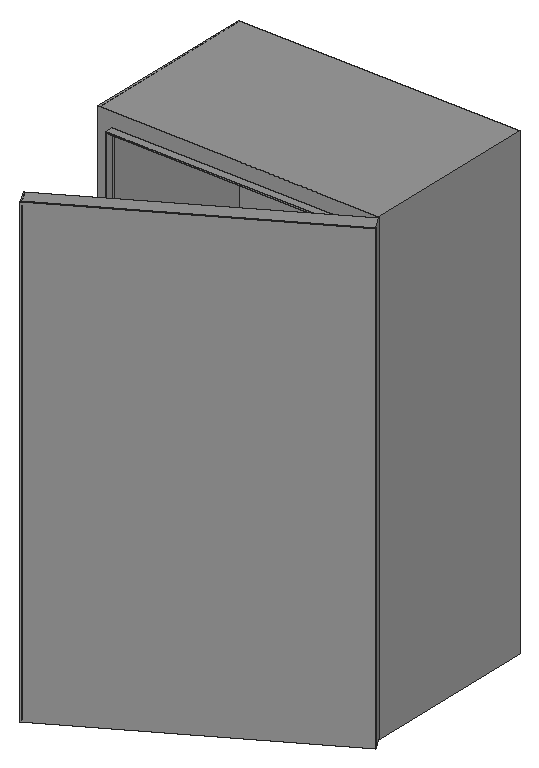
Revit family "Hager-Univers-IP44-D205-Cl.I-enclosure_metering-NoHosted-CH-en", category Equipement électrique, Revit 2020
Family settings
  Configuration du panneau = Deux colonnes, circuits au sein
  Cote de connecteur circulaire = Utiliser le diamètre
  Type d'élément = Tableau de raccordement
  Basée sur le plan de construction = Oui
  Toujours verticalement = Oui
  Couper avec des vides une fois chargée = Non
  Partagée = Non
  Point de calcul de pièce = Non
Parameters (values of type "Surface mounted (plaster) IP44 W300 H500 D205  - ZB011T")
  Width Control [instance] = if([EF000008 - Width] > Min Width, [EF000008 - Width], Min Width)  # 300 mm
  Commentaires du type = [HG000003 - Range]  # "Univers"
  Thickness Door [instance] = if([EF009171 - Material plate thickness door/cover] > 3 mm, 3 mm, [EF009171 - Material plate thickness door/cover])  # 1 mm
  Seal Frame Offset [instance] = 17 mm  # constant formula
  Plinth Visibility [instance] = [HG000027 - Plinth height] > 0 mm  # no
  Min Width [instance] = 100 mm  # constant formula
  Min Depth [instance] = (2 * [EF009170 - Material plate thickness cabinet]) + 1 mm  # 3 mm
  Min Height [instance] = 100 mm  # constant formula
  Internal Frame Depth [instance] = (Door System Depth * 0.5)  # 9 mm
  Panel Name [instance] = ""  # (empty or 0)
  Model = ""
  HG000027 - Plinth height = 0 mm
  HG000026 - Floor standing = no
  HG000024 - Bottom section height = 600 mm
  HG000023 - Double section enclosure = no
  HG000016 - Door 3d visibility [instance] = yes
  HG000015 - Clearance visibility [instance] = no
  HG000014 - Door on the right [instance] = yes
  HG000013 - Door on the left [instance] = not([HG000014 - Door on the right])  # no
  HG000012 - Door swing angle [instance] = 30.00°
  HG000010 - Asymmetric doors = no
  HG000009 - Double swing door = no
  HG000006 - Flush mounted = no
  HG000004 - Manufacturer reference = "ZB011T"
  HG000003 - Range = "Univers"
  HG000002 - With door or cover = yes
  Frame Offset Bottom [instance] = 10 mm  # constant formula
  Frame Offset [instance] = 15 mm  # constant formula
  EF015940 - Cover with overpressure release = no
  EF011959 - Degree of protection (NEMA) = ""
  EF009554 - Number of openings for flange plates = 0
  EF009212 - Cover model = "EV000116 - Closed"
  EF009171 - Material plate thickness door/cover = 1 mm
  EF009170 - Material plate thickness cabinet = 1 mm
  EF008873 - Nominal current (In) = 250 A
  EF007800 - Suitable for lightning protection = no
  EF006306 - With lock = no
  EF006244 - Transparent cover/door = no
  EF005474 - Degree of protection (IP) = "EV006418 - IP44"
  EF004464 - Type of door = "EV002646 - Single"
  EF004427 - Number of modules = 48
  EF004293 - Impact strength = "EV006815 - IK09"
  EF003532 - Suitable for outdoor use = no
  EF002950 - Width in number of modular spacings = 0
  EF001613 - Circuit integrity = "EV000494 - None"
  EF001596 - Material housing = "EV000179 - Steel"
  EF001131 - Internal depth = 0 mm
  EF001088 - Extension possible = yes
  EF000437 - Number of conduit inlets = 0
  EF000339 - Type of cover = "EV004216 - Door"
  EF000266 - Number of rows = 4
  EF000218 - Built-in depth = 0 mm
  EF000118 - With mounting plate = no
  EF000116 - RAL-number = "9010"
  EF000049 - Depth = 205 mm
  EF000040 - Height = 500 mm
  EF000008 - Width = 300 mm
  EF000007 - Colour = "EV000202 - White"
  EF000003 - Mounting method = "EV000384 - Surface mounted (plaster)"
  Door System Leaf Tolerance [instance] = 1.5 mm  # constant formula
  Door System Depth [instance] = 18 mm  # constant formula
  Door Height [instance] = Height Control - [HG000027 - Plinth height]  # 500 mm
  Description = ""
  Default Elevation = 1219.2 mm
  Connector Offset [instance] = Height Control / 2  # 250 mm
  Fabricant = "Hager"  # constant formula
  Height Control [instance] = if([EF000040 - Height] > Min Height, [EF000040 - Height], Min Height)  # 500 mm
  Depth Control [instance] = if([EF000049 - Depth] > Min Depth, [EF000049 - Depth], Min Depth)  # 205 mm
  Bottom Top Plate Trim [instance] = 1.5 mm  # constant formula
  Plinth height Ctrl [instance] = if([HG000027 - Plinth height] > 0 mm, [HG000027 - Plinth height], 12 mm)  # 12 mm
Types (3, lengths in mm): name | Width Control | HG000004 - Manufacturer reference | EF004464 - Type of door | EF004427 - Number of modules | EF000266 - Number of rows | EF000008 - Width
  Surface mounted (plaster) IP44 W1050 H500 D205  - ZB014T | 1050 | "ZB014T" | "EV003602 - Double" | 144 | 0 | 1050
  Surface mounted (plaster) IP44 W1300 H500 D205  - ZB015T | 1300 | "ZB015T" | "EV003602 - Double" | 180 | 0 | 1300
  Surface mounted (plaster) IP44 W300 H500 D205  - ZB011T | 300 | "ZB011T" | "EV002646 - Single" | 48 | 4 | 300
Reference planes
  plane 1 "Center (Front/Back)": y = 0
  plane 2: z = 0
  plane 3 "Center (Left/Right)": x = 0
  plane 4: y = 0
  plane 5: y = 0
  plane 6: z = 0
  plane 7: x = -150
  plane 8: x = 150
  plane 9: x = 149
  plane 10: x = -149
  plane 11: z = 0
  plane 12: z = 1
  plane 13: y = -205
  plane 14: y = -1
  plane 15: x = 0
  plane 16: y = -187
  plane 17: y = -204
  plane 18: y = -186
  plane 19: x = -134
  plane 20: x = 134
  plane 21: z = 11
  plane 22: x = -133
  plane 23: x = 133
  plane 24: z = 0
  plane 25: z = 500
  plane 26: z = 500
  plane 27: z = 484
  plane 28: z = 499
Forms (mm)
  Extrusion 1, solid, material "Hager_Steel_RAL7035_Light_Grey", detail levels medium+fine
    sketch origin (-208.679, -4572, 0) x (-1, 0, 0) y (0, -1, 0)
      loop
        line (-58.679, -4385) -> (-358.679, -4385) -> (-358.679, -4572) -> (-58.679, -4572) -> (-58.679, -4385)
    from 0 to 500
  Extrusion 2, void
    sketch origin (-350.771, -205, 1219.2) x (1, 0, 0) y (0, 0, 1)
      loop
        line (201.771, -720.2) -> (201.771, -1218.2) -> (499.771, -1218.2) -> (499.771, -720.2) -> (201.771, -720.2)
    from -19 to -204
  Extrusion 3, void
    sketch origin (-290.084, -187, 1219.2) x (1, 0, 0) y (0, 0, 1)
      loop
        line (156.084, -1208.2) -> (424.084, -1208.2) -> (424.084, -735.2) -> (156.084, -735.2) -> (156.084, -1208.2)
    from 0 to -1
  Extrusion 4, solid, material "Hager_Steel_RAL7035_Light_Grey", visible <- "Plinth Visibility", detail levels medium+fine
    sketch origin (0, 0, 0) x (1, 0, 0) y (0, 1, 0)
      loop
        line (-150, 0) -> (-150, -187) -> (150, -187) -> (150, 0) -> (-150, 0)
    from 0 to 12 <- "Plinth height Ctrl"
  Extrusion 5, solid, material "Hager_Steel_RAL7035_Light_Grey", detail levels coarse
    sketch origin (0, 0, 0) x (1, 0, 0) y (0, 1, 0)
      loop
        line (-150, 0) -> (-150, -205) -> (150, -205) -> (150, 0) -> (-150, 0)
    from 0 to 500 <- "Height Control"
  Sweep 6, void
    path in 3D
      loop
        line (-150, -187, 12) -> (150, -187, 12) -> (150, 0, 12) -> (-150, 0, 12) -> (-150, -187, 12)
    profile origin (-150, -93.5, 12) x (1, 0, 0) y (0, 0, 1)
      loop
        line (0, 0) -> (0, -1.5) -> (1.5, -1.5)
        arc (1.5, -1.5) -> (1.061, -0.439) -> (0, 0) r 1.5
  Extrusion 7, solid, material "Hager_Steel_RAL7035_Light_Grey", detail levels fine
    sketch origin (-150, -187, 0) x (1, 0, 0) y (0, 0, 1)
      loop
        line (16, 11) -> (284, 11) -> (284, 484) -> (16, 484) -> (16, 11)
      loop
        line (15, 10) -> (285, 10) -> (285, 485) -> (15, 485) -> (15, 10)
    from 0 to 9 <- "Internal Frame Depth"
Cuts and joins
  Extrusion 2, Extrusion 3 cuts Extrusion 1
  Sweep 6 cuts Extrusion 4
Lines and regions (mm)
  Masking region 1
    outline origin (0, 0, 0) x (1, 0, 0) y (0, 1, 0)
      loop
        line (-150, 0) -> (-150, -205) -> (150, -205) -> (150, 0) -> (-150, 0)
  Masking region 2, detail levels coarse
    outline origin (-290.084, -187, 1219.2) x (-1, 0, 0) y (0, 0, 1)
      loop
        line (-440.084, -1219.2) -> (-140.084, -1219.2) -> (-140.084, -719.2) -> (-440.084, -719.2) -> (-440.084, -1219.2)
  Masking region 3, detail levels coarse
    outline origin (0, 0, 0) x (0, 1, 0) y (0, 0, 1)
      loop
        line (0, 0) -> (0, 500) -> (-205, 500) -> (-205, 0) -> (0, 0)
  Masking region 4, visible <- "Plinth Visibility", detail levels medium+fine
    outline origin (0, 0, 0) x (0, 1, 0) y (0, 0, 1)
      loop
        line (-1.5, 12) -> (-185.5, 12)
        arc (-185.5, 12) -> (-185.939, 10.939) -> (-187, 10.5) r 1.5
        line (-187, 10.5) -> (-187, 0) -> (0, 0) -> (0, 10.5)
        arc (0, 10.5) -> (-1.061, 10.939) -> (-1.5, 12) r 1.5
  Masking region 5, detail levels medium+fine
    outline origin (0, 0, 594.038) x (0, 1, 0) y (0, 0, 1)
      loop
        line (0, -594.038) -> (0, -94.038) -> (-187, -94.038) -> (-187, -594.038) -> (0, -594.038)
  Masking region 6, detail levels medium+fine
    outline origin (-359.7, -187, 1211.883) x (-1, 0, 0) y (0, 0, 1)
      loop
        line (-509.7, -1211.883) -> (-209.7, -1211.883) -> (-209.7, -711.883) -> (-509.7, -711.883) -> (-509.7, -1211.883)
  Masking region 7, visible <- "Plinth Visibility", detail levels medium+fine
    outline origin (-320.334, -187, 1041.368) x (-1, 0, 0) y (0, 0, 1)
      loop
        line (-470.334, -1041.368) -> (-170.334, -1041.368) -> (-170.334, -1030.868)
        arc (-170.334, -1030.868) -> (-171.394, -1030.429) -> (-171.834, -1029.368) r 1.5
        line (-171.834, -1029.368) -> (-468.834, -1029.368)
        arc (-468.834, -1029.368) -> (-469.273, -1030.429) -> (-470.334, -1030.868) r 1.5
        line (-470.334, -1030.868) -> (-470.334, -1041.368)
  sketch lines
    curve 1: line (-150, 0, 12) -> (-150, -187, 12)
    curve 2: line (-150, -187, 12) -> (150, -187, 12)
    curve 3: line (150, 0, 12) -> (-150, 0, 12)
    curve 4: line (150, -187, 12) -> (150, 0, 12)
Dimensions and locks
  locked: plane 1 "Center (Front/Back)" to plane 5
  "EF009170 - Material plate thickness cabinet": plane 7 to plane 10
  "EF009170 - Material plate thickness cabinet": plane 8 to plane 9
  equal spacing: plane 7, plane 3 "Center (Left/Right)", plane 8
  "Width Control": plane 7 to plane 8
  "Depth Control": plane 4 to plane 13
  "EF009170 - Material plate thickness cabinet": plane 4 to plane 14
  "Height Control": plane 25 to level
  "HG000027 - Plinth height": plane 11 to level
  "EF009170 - Material plate thickness cabinet": plane 12 to plane 11
  "EF009170 - Material plate thickness cabinet": plane 17 to plane 13
  "EF009170 - Material plate thickness cabinet": plane 18 to plane 16
  "Frame Offset Bottom": plane 21 to plane 12
  "Frame Offset": plane 10 to plane 19
  "Frame Offset": plane 9 to plane 20
  "Door System Depth": plane 16 to plane 13
  "Seal Frame Offset": plane 7 to plane 22
  "Seal Frame Offset": plane 8 to plane 23
  "EF009170 - Material plate thickness cabinet": plane 26 to plane 28
  "Frame Offset": plane 28 to plane 27
  "Connector Offset": plane 2 to connector elem
  "Bottom Top Plate Trim": profile plane to Sweep 6 sketch curve
  "Bottom Top Plate Trim": Sweep 6 sketch curve to Sweep 6 sketch curve
  "Plinth height Ctrl": Masking region 4 sketch curve to level
  "Plinth height Ctrl": Masking region 7 sketch curve to level
  "Thickness Door": Extrusion 7 sketch curve to Extrusion 7 sketch curve  (x4)
  "Bottom Top Plate Trim": radius of Sweep 6 sketch curve
  "Bottom Top Plate Trim": radius of Masking region 4 sketch curve  (x2)
  "Bottom Top Plate Trim": radius of Masking region 7 sketch curve  (x2)
  aligned and locked: plane 12 to Extrusion 2 sketch curve
  aligned and locked: Extrusion 2 sketch curve to plane 9
  aligned and locked: Extrusion 2 sketch curve to plane 10
  aligned and locked: plane 14 to Extrusion 2
  aligned and locked: plane 4 to Extrusion 1 sketch curve
  aligned and locked: plane 8 to Extrusion 1 sketch curve
  aligned and locked: plane 7 to Extrusion 1 sketch curve
  aligned and locked: Extrusion 2 to plane 18
  aligned and locked: plane 19 to Extrusion 3 sketch curve
  aligned and locked: plane 20 to Extrusion 3 sketch curve
  aligned and locked: Extrusion 3 to Extrusion 2
  aligned and locked: Extrusion 3 sketch curve to plane 21
  aligned and locked: plane 3 "Center (Left/Right)" to nested 1
  aligned and locked: Extrusion 1 sketch curve to plane 16
  aligned and locked: Extrusion 4 sketch curve to cut or joined group of Extrusion 1, Extrusion 2, Extrusion 3
  aligned and locked: Masking region 1 sketch curve to plane 7
  aligned and locked: Masking region 1 sketch curve to plane 5
  aligned and locked: Masking region 1 sketch curve to plane 8
  aligned and locked: Masking region 2 sketch curve to level
  aligned and locked: level to Masking region 3 sketch curve
  aligned and locked: plane 1 "Center (Front/Back)" to Masking region 3 sketch curve
  aligned and locked: plane 13 to Masking region 3 sketch curve
  aligned and locked: plane 5 to Masking region 4 sketch curve
  aligned and locked: Masking region 2 sketch curve to plane 8
  aligned and locked: Masking region 2 sketch curve to plane 7
  aligned and locked: plane 7 to nested 2
  aligned and locked: nested 2 to plane 5
  aligned and locked: plane 5 to Masking region 5 sketch curve
  aligned and locked: plane 26 to Masking region 5 sketch curve
  aligned and locked: Extrusion 5 sketch curve to plane 8
  aligned and locked: Extrusion 5 sketch curve to plane 7
  aligned and locked: Extrusion 5 sketch curve to plane 5
  aligned and locked: plane 27 to Extrusion 3 sketch curve
  aligned and locked: Extrusion 2 sketch curve to plane 28
  aligned and locked: Masking region 2 to plane 25
  aligned and locked: Extrusion 4 to plane 16
  aligned and locked: profile plane to Sweep 6 sketch curve
  aligned and locked: Masking region 5 sketch curve to plane 24
  aligned and locked: level to Masking region 4 sketch curve
  aligned and locked: Masking region 1 to plane 13
  aligned and locked: nested 1 to plane 16
  aligned and locked: Masking region 3 to plane 25
  aligned and locked: plane 16 to Masking region 4 sketch curve
  aligned and locked: Masking region 5 sketch curve to plane 16
  aligned and locked: plane 24 to plane 11
  aligned and locked: plane 26 to plane 25
  aligned and locked: plane 26 to cut or joined group of Extrusion 1, Extrusion 2, Extrusion 3
  aligned and locked: nested 1 to plane 24
  aligned and locked: Extrusion 1 to Extrusion 3
  aligned and locked: Masking region 6 sketch curve to plane 8
  aligned and locked: plane 24 to Masking region 6 sketch curve
  aligned and locked: Masking region 6 sketch curve to plane 7
  aligned and locked: Masking region 6 sketch curve to plane 26
  aligned and locked: Masking region 7 sketch curve to plane 7
  aligned and locked: level to Masking region 7 sketch curve
  aligned and locked: Masking region 7 sketch curve to plane 8
  aligned and locked: Extrusion 7 sketch curve to cut or joined group of Extrusion 1, Extrusion 2, Extrusion 3  (x4)
Automatic sketch dimensions
  plane 19 to Extrusion 3 sketch curve = 0 mm
  Extrusion 3 sketch curve to plane 20 = 0 mm
  Extrusion 3 sketch curve to plane 21 = 0 mm
  Extrusion 4 sketch curve to plane 7 = 0 mm
  Extrusion 4 sketch curve to plane 8 = 0 mm
  Extrusion 4 sketch curve to plane 16 = 0 mm
  Masking region 1 sketch curve to plane 13 = 0 mm
  Masking region 2 sketch curve to plane 25 = 0 mm
  Masking region 3 sketch curve to plane 25 = 0 mm
  Extrusion 5 sketch curve to plane 13 = 0 mm
  profile plane to Sweep 6 sketch curve = 0 mm
Nested families
  nested 1: "EC000058_Univers_Door" at (0, -187, 0), Double <- "HG000009 - Double swing door", Transparent <- "EF006244 - Transparent cover/door", Angle <- "HG000012 - Door swing angle", Door_Right <- "HG000014 - Door on the right", Assymetrical <- "HG000010 - Asymmetric doors", Door <- "HG000002 - With door or cover", Width_Ctrl <- "Width Control", 3d_Door <- "HG000016 - Door 3d visibility", Clearance <- "HG000015 - Clearance visibility", Door_Left <- "HG000013 - Door on the left", Width <- "Width Control", Door_Depth <- "Door System Depth", Leaf_Tolerance <- "Door System Leaf Tolerance", Height <- "Door Height", Lock_Visibility <- "EF006306 - With lock", Thickness <- "Thickness Door", type "EC000058_Univers_Door", detail levels medium+fine
    with min_wh 3 mm, Width_Ctrl 300 mm, Width 300 mm, Transparent no, Thickness 1 mm, Seal_Material Hager_Rubber, Lock_Visibility no, Lock_Material Hager_Plastic_RAL9005_Jet_Black, Leaf_Width 300 mm, Leaf_Tolerance_External_Sides 0 mm, Leaf_Tolerance 1.5 mm, Leaf_Offset 0 mm, Leaf_Height 497 mm, Leaf_2_Width 300 mm, Leaf_2_Offset 150 mm, Leaf_1_Width 300 mm, Leaf_1_Offset 150 mm, Height_Ctrl 500 mm, Height 500 mm, Glass_Material Hager_Glass, Double_Clearance_Ctrl no, Double no, Door_Right_Ctrl yes, Door_Right yes, Door_Material Hager_Steel_RAL7035_Light_Grey, Door_Left_Ctrl no, Door_Left no, Door_Depth 18 mm, Door yes, Clearance_Material Hager_Clearance, Clearance_Depth 300 mm, Clearance_Ctrl no, Clearance no, Assymetrical no, Angle 30.00°, 3d_Door yes
  nested 2: "Hager_Enclosure_Symbol" at (-150, 0, 0), Height <- "Depth Control", Width <- "Width Control", type "Hager_Enclosure_Symbol"
    with Width_Ctrl 300 mm, Width 300 mm, Height_Ctrl 205 mm, Height 205 mm, A_Width_Int 13.453 mm, A_Width 161.438 mm, A_Height_Ctrl 179.375 mm, A_Height 179.375 mm
Connectors
  electrical at (0, 0, 250)
    settings: on plane 1 "Center (Front/Back)", index 1, voltage 0 V, apparent load 0 VA, apparent load phase1 0 VA, apparent load phase2 0 VA, apparent load phase3 0 VA, power factor 1, load classification "Other", number of poles 1, system type 30, power factor state 1, is connector primary yes, connector utility no, sub classification motor no, connector description ""
Definition of nested family "EC000058_Univers_Door"
  Parameters (values of type "EC000058_Univers_Door")
    min_wh [instance] = (2 * Thickness) + 1 mm  # 11 mm
    Width_Ctrl [instance] = 400 mm
    Width [instance] = 500 mm
    Transparent [instance] = yes
    Thickness [instance] = 5 mm
    Seal_Material [instance] = none
    Lock_Visibility [instance] = yes
    Lock_Material [instance] = none
    Leaf_Width [instance] = if((Width_Ctrl - 2 * Leaf_Tolerance_External_Sides) > 0 mm, (Width_Ctrl - 2 * Leaf_Tolerance_External_Sides), min_wh)  # 400 mm
    Leaf_Tolerance_External_Sides [instance] = 0 mm  # constant formula
    Leaf_Tolerance [instance] = 1.5 mm
    Leaf_Offset [instance] = 0 mm  # constant formula
    Leaf_Height [instance] = if((Height_Ctrl - 2 * Leaf_Tolerance) > 0 mm, (Height_Ctrl - 2 * Leaf_Tolerance), min_wh)  # 497 mm
    Leaf_2_Width [instance] = if(and(and(Double, Assymetrical), Door_Left), (Leaf_Width / 3) - (Leaf_Tolerance / 2), if(and(and(Double, Assymetrical), Door_Right), (Leaf_Width / 3) * 2 - (Leaf_Tolerance / 2), if(and(Double, not(Assymetrical)), (Leaf_Width / 2) - Leaf_Tolerance, Leaf_Width)))  # 400 mm
    Leaf_2_Offset [instance] = if(and(Double, Assymetrical), Leaf_2_Width / 2, if(and(Double, not(Assymetrical)), Leaf_Width / 4, Leaf_Width / 2))  # 200 mm
    Leaf_1_Width [instance] = if(and(and(Double, Assymetrical), Door_Right), (Leaf_Width / 3) - (Leaf_Tolerance / 2), if(and(and(Double, Assymetrical), Door_Left), (Width / 3) * 2 - (Leaf_Tolerance / 2), if(and(Double, not(Assymetrical)), (Leaf_Width / 2) - Leaf_Tolerance, Leaf_Width)))  # 400 mm
    Leaf_1_Offset [instance] = if(and(Double, Assymetrical), Leaf_1_Width / 2, if(and(Double, not(Assymetrical)), Leaf_Width / 4, Leaf_Width / 2))  # 200 mm
    Height_Ctrl [instance] = if(Height > min_wh, Height, min_wh)  # 500 mm
    Height [instance] = 500 mm
    Glass_Material [instance] = none
    Double_Clearance_Ctrl [instance] = and(Double, Clearance)  # no
    Double [instance] = no
    Door_Right_Ctrl [instance] = and(or(Door_Right, Double), Door)  # yes
    Door_Right [instance] = yes
    Door_Material [instance] = none
    Door_Left_Ctrl [instance] = and(or(Door_Left, Double), Door)  # no
    Door_Left [instance] = no
    Door_Depth [instance] = 30 mm
    Door [instance] = yes
    Default Elevation = 1219.2 mm
    Clearance_Material [instance] = none
    Clearance_Depth [instance] = if(Leaf_1_Width > Leaf_2_Width, Leaf_1_Width, Leaf_2_Width)  # 400 mm
    Clearance_Ctrl [instance] = and(not(Double), Clearance)  # yes
    Clearance [instance] = yes
    Assymetrical [instance] = yes
    Angle [instance] = 30.00°
    3d_Door [instance] = yes
  Reference planes
    plane 1 "Center (Front/Back)": y = 0
    plane 2 "Bottom": z = 0
    plane 3 "Center (Left/Right)": x = 0
    plane 4: z = 500
    plane 5: x = -200
    plane 6: x = 200
    plane 7: z = 500
    plane 8: x = -200
    plane 9: z = 0
    plane 10: x = 200
    plane 11: y = 0
    plane 12: z = 1.5
    plane 13: x = -600
    plane 14: y = -400
    plane 15: x = 600
    plane 16: x = 0
    plane 17: x = 0
    plane 18: x = -200
    plane 19: x = 200
    plane 20: z = 498.5
  Forms (mm)
    Extrusion 1, solid, material <- "Clearance_Material", visible <- "Double_Clearance_Ctrl"
      sketch origin (1200, 0, 0) x (1, 0, 0) y (0, 0, -1)
        loop
          line (-1800, -498.5) -> (-600, -498.5) -> (-600, 0) -> (-1800, 0) -> (-1800, -498.5)
      from 0 to -400
  Dimensions and locks
    equal spacing: plane 5, plane 3 "Center (Left/Right)", plane 6
    "Width_Ctrl": plane 5 to plane 6
    "Leaf_Offset": plane 5 to plane 8
    "Leaf_Offset": plane 6 to plane 10
    "Leaf_Offset": plane 9 to level
    "Leaf_Offset": plane 4 to plane 7
    "Height_Ctrl": plane 4 to level
    "Leaf_Tolerance": plane 12 to plane 9
    locked: plane 11 to plane 1 "Center (Front/Back)"
    "Leaf_1_Offset": plane 18 to plane 16
    "Leaf_2_Offset": plane 17 to plane 19
    "Leaf_1_Width": plane 13 to plane 8
    "Leaf_2_Width": plane 10 to plane 15
    "Clearance_Depth": plane 14 to plane 1 "Center (Front/Back)"
    "Leaf_Tolerance_External_Sides": plane 8 to plane 18
    "Leaf_Tolerance_External_Sides": plane 19 to plane 10
    "Leaf_Tolerance": plane 7 to plane 20
    aligned and locked: level to plane 2 "Bottom"
    aligned and locked: nested 1 to plane 16
    aligned and locked: nested 2 to plane 17
    aligned and locked: Extrusion 1 to plane 13
    aligned and locked: plane 15 to Extrusion 1
    aligned and locked: Extrusion 1 to plane 14
    aligned and locked: plane 12 to nested 1
    aligned and locked: nested 2 to plane 12
    aligned and locked: Extrusion 1 to plane 11
    aligned and locked: plane 20 to Extrusion 1
    aligned and locked: nested 2 to plane 11
    aligned and locked: nested 1 to plane 11
  Automatic sketch dimensions
    Extrusion 1 sketch curve to level = 0 mm
    plane 5 to Extrusion 1 sketch curve = 400 mm
    plane 6 to Extrusion 1 sketch curve = 400 mm
    Extrusion 1 sketch curve to plane 4 = 1.5 mm
  Nested families
    nested 1: "EC000058_Univers_Door_Leaf" at (0, 0, 1.5), Width <- "Leaf_1_Width", visible <- "Door_Left_Ctrl", Leaf_Height <- "Leaf_Height", Angle <- "Angle", 3d_Door <- "3d_Door", Transparent <- "Transparent", Clearance Material <- "Clearance_Material", Clearance <- "Clearance_Ctrl", Door_Material <- "Door_Material", Glass_Material <- "Glass_Material", Door_Depth <- "Door_Depth", Lock_Material <- "Lock_Material", Seal_Material <- "Seal_Material", Lock_Visibility <- "Lock_Visibility", Thickness <- "Thickness", type "EC000058_Univers_Door_Leaf"
      with Width 400 mm, Transparent_Glass_Offset 30 mm, Transparent_Ctrl yes, Transparent yes, Thickness 5 mm, Standard no, Seal_Material none, Seal_D2 8 mm, Seal_D1 1 mm, Offset_Internal_Frame 10 mm, Lock_Width 20 mm, Lock_Visibility_3d yes, Lock_Visibility yes, Lock_Thickness_3 3 mm, Lock_Thickness_2 1 mm, Lock_Thickness_1 3 mm, Lock_Radius_Offset_2 16 mm, Lock_Radius_Offset_1 15 mm, Lock_Radius_2 5 mm, Lock_Radius 6 mm, Lock_Offset 5 mm, Lock_Material none, Lock_Height 80 mm, Lock_Cover_Top_Offset_2d 17 mm, Lock_Cover_Height -65 mm, Leaf_Height 497 mm, Internal_Seal_Thickness 8 mm, Internal_Seal_Depth_2 4.5 mm, Internal_Frame_Depth 25 mm, Glass_Thickness -1 mm, Glass_Offset -2 mm, Glass_Material none, Door_Material none, Door_Depth 30 mm, Clearance Material none, Clearance yes, Angle_Ctrl 30.00°, Angle 30.00°, 3d_Door yes
    nested 2: "EC000058_Univers_Door_Leaf" at (0, 0, 1.5) x (-1, 0, 0) z (0, 0, 1), Width <- "Leaf_2_Width", visible <- "Door_Right_Ctrl", Leaf_Height <- "Leaf_Height", Angle <- "Angle", 3d_Door <- "3d_Door", Transparent <- "Transparent", Clearance Material <- "Clearance_Material", Clearance <- "Clearance_Ctrl", Door_Material <- "Door_Material", Glass_Material <- "Glass_Material", Door_Depth <- "Door_Depth", Lock_Material <- "Lock_Material", Seal_Material <- "Seal_Material", Lock_Visibility <- "Lock_Visibility", Thickness <- "Thickness", type "EC000058_Univers_Door_Leaf"
      with Width 400 mm, Transparent_Glass_Offset 30 mm, Transparent_Ctrl yes, Transparent yes, Thickness 5 mm, Standard no, Seal_Material none, Seal_D2 8 mm, Seal_D1 1 mm, Offset_Internal_Frame 10 mm, Lock_Width 20 mm, Lock_Visibility_3d yes, Lock_Visibility yes, Lock_Thickness_3 3 mm, Lock_Thickness_2 1 mm, Lock_Thickness_1 3 mm, Lock_Radius_Offset_2 16 mm, Lock_Radius_Offset_1 15 mm, Lock_Radius_2 5 mm, Lock_Radius 6 mm, Lock_Offset 5 mm, Lock_Material none, Lock_Height 80 mm, Lock_Cover_Top_Offset_2d 17 mm, Lock_Cover_Height -65 mm, Leaf_Height 497 mm, Internal_Seal_Thickness 8 mm, Internal_Seal_Depth_2 4.5 mm, Internal_Frame_Depth 25 mm, Glass_Thickness -1 mm, Glass_Offset -2 mm, Glass_Material none, Door_Material none, Door_Depth 30 mm, Clearance Material none, Clearance yes, Angle_Ctrl 30.00°, Angle 30.00°, 3d_Door yes
  Definition of nested family "EC000058_Univers_Door_Leaf"
    Parameters (values of type "EC000058_Univers_Door_Leaf")
      Width [instance] = 2000 mm
      Transparent_Glass_Offset [instance] = 30 mm
      Transparent_Ctrl [instance] = and(Transparent, [3d_Door])  # yes
      Transparent [instance] = yes
      Thickness [instance] = 5 mm
      Standard [instance] = and(not(Transparent), [3d_Door])  # no
      Seal_Material [instance] = none
      Seal_D2 [instance] = 8 mm  # constant formula
      Seal_D1 [instance] = 1 mm  # constant formula
      Offset_Internal_Frame [instance] = 10 mm  # constant formula
      Lock_Width [instance] = 20 mm  # constant formula
      Lock_Visibility_3d [instance] = and(Lock_Visibility, [3d_Door])  # yes
      Lock_Visibility [instance] = yes
      Lock_Thickness_3 [instance] = 3 mm  # constant formula
      Lock_Thickness_2 [instance] = 1 mm  # constant formula
      Lock_Thickness_1 [instance] = 3 mm  # constant formula
      Lock_Radius_Offset_2 [instance] = Lock_Radius_Offset_1 + 1 mm  # 16 mm
      Lock_Radius_Offset_1 [instance] = 15 mm  # constant formula
      Lock_Radius_2 [instance] = Lock_Radius - 1 mm  # 5 mm
      Lock_Radius [instance] = 6 mm  # constant formula
      Lock_Offset [instance] = 5 mm  # constant formula
      Lock_Material [instance] = none
      Lock_Height [instance] = 80 mm  # constant formula
      Lock_Cover_Top_Offset_2d [instance] = Lock_Radius_Offset_2 + 1 mm  # 17 mm
      Lock_Cover_Height [instance] = -(Lock_Height - Lock_Radius_Offset_1)  # -65 mm
      Leaf_Height [instance] = 2720.336 mm
      Internal_Seal_Thickness [instance] = 8 mm  # constant formula
      Internal_Seal_Depth_2 [instance] = 4.5 mm  # constant formula
      Internal_Frame_Depth [instance] = if(Door_Depth - Thickness > 5 mm, Door_Depth - Thickness, 5 mm)  # 25 mm
      Glass_Thickness [instance] = if(Thickness > 15 mm, Glass_Offset + 10 mm, -1 mm)  # -1 mm
      Glass_Offset [instance] = if(Thickness > 15 mm, -(Thickness + 10 mm) / 2, -2 mm)  # -2 mm
      Glass_Material [instance] = none
      Door_Material [instance] = none
      Door_Depth [instance] = 30 mm
      Default Elevation = 0 mm
      Clearance Material [instance] = none
      Clearance [instance] = yes
      Angle_Ctrl [instance] = if(Angle > 180.00°, 180.00°, Angle)  # 90.00°
      Angle [instance] = 90.00°
      3d_Door [instance] = yes
    Reference planes
      plane 1 "Center (Front/Back)": y = 0
      plane 2: z = 0
      plane 3 "Center (Left/Right)": x = 0
      plane 4: y = 2000
      plane 5: x = -1000
      plane 6: x = 1000
      plane 7: x = -3000
      plane 8: z = 2720.336
      plane 9: z = 30
      plane 10: z = 2690.336
      plane 11: x = 970
      plane 12: x = -970
      plane 13: y = -3
      plane 14: z = 107.833
      plane 15: y = -5
      plane 16: y = -223.314
      plane 17: x = -1000
      plane 18: z = 1360.168
      plane 19: y = 30
    Forms (mm)
      Extrusion 1, solid, material <- "Clearance Material", visible <- "Clearance"
        sketch origin (0, 0, 0) x (1, 0, 0) y (0, 0, 1)
          loop
            line (-3000, 2720.336) -> (-3000, 0) -> (1000, 0) -> (1000, 2720.336) -> (-3000, 2720.336)
        from 0 to -2000
      Extrusion 2, solid, material <- "Door_Material", visible <- "Standard", detail levels medium+fine
        sketch origin (-1000, 0, 0) x (0, 1, 0) y (-1, 0, 0)
          loop
            line (0, 30) -> (0, 25) -> (2000, 25) -> (2000, 30) -> (0, 30)
        from 0 to 2720.336 <- "Leaf_Height"
      Extrusion 3, solid, material <- "Door_Material", visible <- "Transparent_Ctrl", detail levels medium+fine
        sketch origin (-1000, 0, 0) x (0, 1, 0) y (-1, 0, 0)
          loop
            line (0, 25) -> (2000, 25) -> (2000, 30) -> (0, 30) -> (0, 25)
        from 0 to 2720.336 <- "Leaf_Height"
      Extrusion 4, void
        sketch origin (-1025, 2000, 0) x (0, 1, 0) y (0, 0, -1)
          loop
            line (-30, -2690.336) -> (-30, -30) -> (-1970, -30) -> (-1970, -2690.336) -> (-30, -2690.336)
        from 0 to 5 <- "Thickness"
      Sweep 5, solid, material <- "Seal_Material", visible <- "Transparent_Ctrl", detail levels fine
        path in 3D
          loop
            line (-1025, 30, 30) -> (-1025, 30, 2690.336) -> (-1025, 1970, 2690.336) -> (-1025, 1970, 30) -> (-1025, 30, 30)
        profile origin (-1025, 1000, 30) x (1, 0, 0) y (0, 0, 1)
          loop
            line (0, 0) -> (0, -8) -> (1, -8) -> (1, 0) -> (0, 0)
      Extrusion 6, solid, material <- "Glass_Material", visible <- "Transparent_Ctrl", detail levels medium+fine
        sketch origin (-1030, 0, 0) x (0, 1, 0) y (0, 0, -1)
          loop
            line (1970, -2690.336) -> (1970, -30) -> (30, -30) -> (30, -2690.336) -> (1970, -2690.336)
        from -2 <- "Glass_Offset" to -1 <- "Glass_Thickness"
      Extrusion 7, solid, material <- "Door_Material", visible <- "3d_Door", detail levels medium+fine
        sketch origin (-1025, 2000, 0) x (0, -1, 0) y (0, 0, -1)
          loop
            line (0, -2720.336) -> (2000, -2720.336) -> (2000, 0) -> (0, 0) -> (0, -2720.336)
          loop
            line (1995, -5) -> (5, -5) -> (5, -2715.336) -> (1995, -2715.336) -> (1995, -5)
        from 0 to 25 <- "Internal_Frame_Depth"
      Sweep 8, solid, material <- "Seal_Material", visible <- "Transparent_Ctrl", detail levels fine
        path in 3D
          loop
            line (-1025, 0, 0) -> (-1025, 2000, 0) -> (-1025, 2000, 2720.336) -> (-1025, 0, 2720.336) -> (-1025, 0, 0)
        profile origin (-1025, 0, 1360.168) x (1, 0, 0) y (0, 1, 0)
          loop
            line (0, 10) -> (2.975, 10)
            arc (2.975, 10) -> (4.053, 10.447) -> (4.5, 11.525) r 1.525
            line (4.5, 11.525) -> (4.5, 16.527)
            arc (4.5, 16.527) -> (4.069, 17.569) -> (3.027, 18) r 1.473
            line (3.027, 18) -> (0, 18) -> (0, 10)
      Extrusion 9, solid, material <- "Lock_Material", visible <- "Lock_Visibility_3d", detail levels fine
        sketch origin (-1030, 0, 0) x (0, 1, 0) y (0, 0, -1)
          loop
            arc (1993.5, -1400.168) -> (1994.561, -1399.729) -> (1995, -1398.668) r 1.5
            line (1995, -1398.668) -> (1995, -1320.168) -> (1975, -1320.168) -> (1975, -1398.668)
            arc (1975, -1398.668) -> (1975.439, -1399.729) -> (1976.5, -1400.168) r 1.5
            line (1976.5, -1400.168) -> (1993.5, -1400.168)
        from 3 <- "Lock_Thickness_1" to 0
      Blend 10, solid, material <- "Lock_Material", visible <- "Lock_Visibility_3d", detail levels fine
        base sketch origin (-1033, 0, 0) x (0, 1, 0) y (0, 0, -1)
          loop
            line (1975, -1320.168) -> (1975, -1398.668)
            arc (1975, -1398.668) -> (1975.439, -1399.729) -> (1976.5, -1400.168) r 1.5
            line (1976.5, -1400.168) -> (1993.5, -1400.168)
            arc (1993.5, -1400.168) -> (1994.561, -1399.729) -> (1995, -1398.668) r 1.5
            line (1995, -1398.668) -> (1995, -1320.168) -> (1975, -1320.168)
        top sketch origin (-1033, 0, 0) x (0, 1, 0) y (0, 0, -1)
          loop
            line (1976, -1320.168) -> (1976, -1398.668)
            arc (1976, -1398.668) -> (1976.146, -1399.022) -> (1976.5, -1399.168) r 0.5
            line (1976.5, -1399.168) -> (1993.5, -1399.168)
            arc (1993.5, -1399.168) -> (1993.854, -1399.022) -> (1994, -1398.668) r 0.5
            line (1994, -1398.668) -> (1994, -1320.168) -> (1976, -1320.168)
        from 0 to 1 <- "Lock_Thickness_2"
      Blend 11, solid, material <- "Lock_Material", visible <- "Lock_Visibility_3d", detail levels fine
        base sketch origin (-1034, 0, 0) x (0, 1, 0) y (0, 0, -1)
          loop
            line (1978, -1320.168) -> (1978, -1384.168)
            arc (1978, -1384.168) -> (1985, -1391.168) -> (1992, -1384.168) r 7
            line (1992, -1384.168) -> (1992, -1320.168) -> (1978, -1320.168)
        top sketch origin (-1034, 0, 0) x (0, 1, 0) y (0, 0, -1)
          loop
            line (1991, -1320.168) -> (1979, -1320.168) -> (1979, -1383.168)
            arc (1979, -1383.168) -> (1985, -1389.168) -> (1991, -1383.168) r 6
            line (1991, -1383.168) -> (1991, -1320.168)
        from 0 to 3 <- "Lock_Thickness_3"
      Extrusion 12, solid, material <- "Lock_Material", visible <- "Lock_Visibility_3d", detail levels fine
        sketch origin (-1030, 1975, 1320.168) x (1, 0, 0) y (0, -1, 0)
          loop
            line (-7, -19) -> (-7, -1) -> (0, -1) -> (0, 0) -> (-8, 0) -> (-8, -20) -> (0, -20) -> (0, -19) -> (-7, -19)
        from 0 to -65 <- "Lock_Cover_Height"
      Extrusion 13, void
        sketch origin (-1038, 1995, 1320.168) x (-1, 0, 0) y (0, 0, -1)
          loop
            line (-5, -65) -> (0, -65) -> (-5, -60) -> (-5, -65)
        from 0 to 20 <- "Lock_Width"
      Extrusion 14, void
        sketch origin (-1038, 1975, 1320.168) x (0, -1, 0) y (0, 0, -1)
          loop
            circle (-10, -15.995) r 6
          loop
            circle (-10, -15.995) r 5
        from 0 to 2
      Extrusion 15, solid, material <- "Lock_Material", visible <- "Lock_Visibility_3d", detail levels medium
        sketch origin (-1030, 0, 0) x (0, 1, 0) y (0, 0, -1)
          loop
            arc (1993.5, -1400.168) -> (1994.561, -1399.729) -> (1995, -1398.668) r 1.5
            line (1995, -1398.668) -> (1995, -1320.168) -> (1975, -1320.168) -> (1975, -1398.668)
            arc (1975, -1398.668) -> (1975.439, -1399.729) -> (1976.5, -1400.168) r 1.5
            line (1976.5, -1400.168) -> (1993.5, -1400.168)
        from 8 to 0
    Cuts and joins
      Extrusion 4 cuts Extrusion 3
      Extrusion 13, Extrusion 14 cuts Extrusion 9
      Extrusion 14 cuts Blend 11
      Extrusion 13, Extrusion 14 cuts Extrusion 12
      joined: Extrusion 9, Blend 10, Blend 11, Extrusion 12
      Extrusion 14 cuts Extrusion 15
    Lines and regions (mm)
      Masking region 1, visible <- "Lock_Visibility", detail levels fine
        outline origin (0, 0, 0) x (0, 1, 0) y (0, 0, 1)
          loop
            line (30, 1320.168) -> (33, 1320.168) -> (33, 1400.168) -> (30, 1400.168) -> (30, 1320.168)
      Masking region 2, visible <- "Lock_Visibility", detail levels fine
        outline origin (0, 3.143, 0) x (0, 1, 0) y (0, 0, 1)
          loop
            line (29.857, 1354.168) -> (30.857, 1354.168) -> (30.857, 1366.168) -> (29.857, 1366.168) -> (29.857, 1354.168)
      Masking region 3, detail levels medium+fine
        outline origin (0, 0, 0) x (0, 1, 0) y (0, 0, 1)
          loop
            line (0, 0) -> (30, 0) -> (30, 2720.336) -> (0, 2720.336) -> (0, 0)
      Masking region 4, detail levels medium+fine
        outline origin (0, 0, 0) x (1, 0, 0) y (0, 0, 1)
          loop
            line (-1000, 2720.336) -> (-1000, 0) -> (1000, 0) -> (1000, 2720.336) -> (-1000, 2720.336)
      Masking region 5, visible <- "Lock_Visibility", detail levels fine
        outline origin (-47.116, 0, 0) x (1, 0, 0) y (0, 0, 1)
          loop
            arc (1024.616, 1399.168) -> (1023.556, 1398.729) -> (1023.116, 1397.668) r 1.5
            line (1023.116, 1397.668) -> (1023.116, 1320.168) -> (1041.116, 1320.168) -> (1041.116, 1397.668)
            arc (1041.116, 1397.668) -> (1040.677, 1398.729) -> (1039.616, 1399.168) r 1.5
            line (1039.616, 1399.168) -> (1024.616, 1399.168)
      Masking region 6, visible <- "Lock_Visibility", detail levels medium+fine
        outline origin (-25, 0, 0) x (1, 0, 0) y (0, 0, 1)
          loop
            arc (1001.5, 1400.168) -> (1000.439, 1399.729) -> (1000, 1398.668) r 1.5
            line (1000, 1398.668) -> (1000, 1320.168) -> (1020, 1320.168) -> (1020, 1398.668)
            arc (1020, 1398.668) -> (1019.561, 1399.729) -> (1018.5, 1400.168) r 1.5
            line (1018.5, 1400.168) -> (1001.5, 1400.168)
      Masking region 7, visible <- "Lock_Visibility", detail levels fine
        outline origin (-73.735, 0, 0) x (1, 0, 0) y (0, 0, 1)
          loop
            line (1051.735, 1382.168) -> (1065.735, 1382.168) -> (1065.735, 1384.168)
            arc (1065.735, 1384.168) -> (1058.735, 1391.168) -> (1051.735, 1384.168) r 7
            line (1051.735, 1384.168) -> (1051.735, 1382.168)
      Masking region 8, visible <- "Lock_Visibility", detail levels fine
        outline origin (-73.735, 0, 0) x (1, 0, 0) y (0, 0, 1)
          loop
            line (1052.735, 1382.168) -> (1064.735, 1382.168) -> (1064.735, 1383.168)
            arc (1064.735, 1383.168) -> (1058.735, 1389.168) -> (1052.735, 1383.168) r 6
            line (1052.735, 1383.168) -> (1052.735, 1382.168)
      Masking region 9, visible <- "Lock_Visibility", detail levels fine
        outline origin (-25, 0, 0) x (1, 0, 0) y (0, 0, 1)
          loop
            line (1020, 1320.168) -> (1020, 1382.168) -> (1000, 1382.168) -> (1000, 1320.168) -> (1020, 1320.168)
      Masking region 10, detail levels medium+fine
        outline origin (0, 0, 0) x (1, 0, 0) y (0, 0, 1)
          loop
            circle (985, 1335.144) r 6
      Masking region 11, detail levels fine
        outline origin (0, 0, 0) x (1, 0, 0) y (0, 0, 1)
          loop
            circle (985, 1335.144) r 5
      Masking region 12, visible <- "Lock_Visibility", detail levels fine
        outline origin (0, 12.767, 0) x (0, 1, 0) y (0, 0, 1)
          loop
            line (20.233, 1320.168) -> (21.233, 1320.168) -> (21.233, 1399.168) -> (20.233, 1400.168) -> (20.233, 1320.168)
      Masking region 13, visible <- "Lock_Visibility", detail levels fine
        outline origin (0, 13.767, -10) x (0, 1, 0) y (0, 0, 1)
          loop
            line (20.233, 1330.168) -> (23.233, 1330.168) -> (23.233, 1399.168) -> (20.233, 1402.168) -> (20.233, 1330.168)
      Masking region 14, visible <- "Lock_Visibility", detail levels fine
        outline origin (0, 12.767, -10) x (0, 1, 0) y (0, 0, 1)
          loop
            line (20.233, 1330.168) -> (25.233, 1330.168) -> (25.233, 1399.305) -> (20.233, 1394.305) -> (20.233, 1330.168)
      Masking region 15, visible <- "Lock_Visibility", detail levels medium
        outline origin (0, 0, 0) x (0, 1, 0) y (0, 0, 1)
          loop
            line (30, 1320.168) -> (38, 1320.168) -> (38, 1400.168) -> (30, 1400.168) -> (30, 1320.168)
      Masking region 16, visible <- "Lock_Visibility", detail levels fine
        outline origin (-1000, 0, 0) x (0, 1, 0) y (-1, 0, 0)
          loop
            line (1975, 30) -> (1995, 30) -> (1995, 38) -> (1975, 38) -> (1975, 30)
          loop
            line (1979, 37) -> (1976, 37) -> (1976, 34) -> (1978, 34) -> (1979, 37)
          loop
            line (1994, 37) -> (1991, 37) -> (1992, 34) -> (1994, 34) -> (1994, 37)
      Masking region 17, visible <- "Lock_Visibility", detail levels medium
        outline origin (-1000, 0, 0) x (0, 1, 0) y (-1, 0, 0)
          loop
            line (1975, 30) -> (1995, 30) -> (1995, 38) -> (1975, 38) -> (1975, 30)
      symbolic lines
        curve 1: line (1000, 0, 0) -> (-3000, 0, 0)
        curve 2: arc (1000, 0, 0) -> (-1000, 2000, 0) -> (-3000, 0, 0) r 2000
        curve 4: line (-1030, 0, 0) -> (-1030, 2000, 0)
      reference lines
        curve 3: line (-1000, 0, 0) -> (-1000, 2000, 0)
      symbolic lines, detail levels medium+fine
        curve 5: line (-1030, 2000, 0) -> (-1025, 2000, 0)
        curve 7: line (-1025, 0, 0) -> (-1030, 0, 0)
        curve 8: line (-1025, 0, 0) -> (-1000, 0, 0)
        curve 9: line (-1000, 0, 0) -> (-1000, 2000, 0)
        curve 10: line (-1000, 2000, 0) -> (-1025, 2000, 0)
      symbolic lines, detail levels fine
        curve 6: line (-1025, 2000, 0) -> (-1025, 0, 0)
      sketch lines
        curve 11: line (-1025, 0, 2720.336) -> (-1025, 0, 0)
        curve 12: line (-1025, 2000, 0) -> (-1025, 0, 0)
        curve 13: line (-1025, 2000, 2720.336) -> (-1025, 2000, 0)
        curve 14: line (-1025, 0, 2720.336) -> (-1025, 2000, 2720.336)
        curve 15: line (-1025, 1970, 30) -> (-1025, 30, 30)
        curve 16: line (-1025, 30, 30) -> (-1025, 30, 2690.336)
        curve 17: line (-1025, 1970, 2690.336) -> (-1025, 1970, 30)
        curve 18: line (-1025, 30, 2690.336) -> (-1025, 1970, 2690.336)
      symbolic lines, visible <- "Transparent", detail levels medium+fine
        curve 19: line (-970, 0, 2690.336) -> (970, 0, 2690.336)
        curve 20: line (-970, 0, 30) -> (-970, 0, 2690.336)
        curve 21: line (970, 0, 30) -> (-970, 0, 30)
        curve 22: line (970, 0, 2690.336) -> (970, 0, 30)
    Dimensions and locks
      "Width": plane 1 "Center (Front/Back)" to plane 4
      equal spacing: plane 5, plane 3 "Center (Left/Right)", plane 6
      "Width": plane 5 to plane 6
      "Width": plane 7 to plane 5
      "Leaf_Height": plane 8 to level
      "Width": curve 5 to curve 3
      "Width": curve 3 to curve 3
      plane 8 to plane 10 = 30 mm
      plane 9 to level = 30 mm
      plane 12 to plane 5 = 30 mm
      plane 6 to plane 11 = 30 mm
      Extrusion 1 to Extrusion 4 sketch curve = 30 mm
      "Transparent_Glass_Offset": curve 3 to Extrusion 4 sketch curve
      "Transparent_Glass_Offset": Extrusion 4 sketch curve to cut or joined group of Extrusion 3, Extrusion 4  (x2)
      cut or joined group of Extrusion 3, Extrusion 4 to Extrusion 6 sketch curve = 30 mm
      "Transparent_Glass_Offset": cut or joined group of Extrusion 3, Extrusion 4 to Extrusion 4 sketch curve
      "Thickness": curve 6 to curve 4
      "Thickness": Extrusion 7 sketch curve to Extrusion 7 sketch curve  (x4)
      "Door_Depth": curve 4 to curve 3
      "Offset_Internal_Frame": profile plane to Sweep 8 sketch curve
      "Internal_Seal_Thickness": Sweep 8 sketch curve to Sweep 8 sketch curve
      "Internal_Seal_Depth_2": profile plane to Sweep 8 sketch curve
      "Seal_D1": profile plane to Sweep 5 sketch curve
      "Seal_D2": profile plane to Sweep 5 sketch curve
      "Thickness": Extrusion 2 sketch curve to Extrusion 2 sketch curve
      equal spacing: Extrusion 9 sketch curve, plane 18, Extrusion 9 sketch curve  (x2)
      equal spacing: Masking region 1 sketch curve, plane 18, Masking region 1 sketch curve
      "Lock_Height": Masking region 1 sketch curve to Masking region 1 sketch curve
      "Lock_Radius": Masking region 2 sketch curve to plane 18 to Masking region 2 sketch curve
      Masking region 2 sketch curve to Masking region 1 = 1 mm
      "Door_Depth": plane 19 to plane 1 "Center (Front/Back)"
      "Lock_Thickness_1": Masking region 1 sketch curve to plane 19
      "Lock_Width": Extrusion 9 sketch curve to Extrusion 9 sketch curve
      "Lock_Height": Extrusion 9 sketch curve to Extrusion 9 sketch curve
      "Lock_Offset": cut or joined group of Extrusion 3, Extrusion 4 to Extrusion 9 sketch curve
      equal spacing: plane 8, plane 18, level
      "Lock_Radius_Offset_1": Blend 11 sketch curve to Blend 10
      locked: Blend 10 to Blend 11 sketch curve at 2  (x2)
      locked: var sketch to Blend 11 sketch curve at 1  (x2)
      "Lock_Radius_Offset_2": Blend 11 sketch curve to Blend 10
      locked: Extrusion 12 sketch curve to Extrusion 12 sketch curve at 1  (x3)
      Masking region 6 sketch curve to Masking region 6 sketch curve = 80 mm
      "Lock_Height": Masking region 6 sketch curve to Masking region 6 sketch curve
      "Lock_Width": Masking region 6 sketch curve to Masking region 6 sketch curve
      locked: Masking region 6 to Masking region 5 sketch curve at 1  (x3)
      locked: Masking region 5 to Masking region 7 sketch curve at 2  (x2)
      "Lock_Radius_Offset_1": Masking region 5 to Masking region 7 sketch curve
      "Lock_Radius_Offset_2": Masking region 5 to Masking region 8 sketch curve
      locked: Masking region 7 to Masking region 8 sketch curve at 1  (x2)
      "Lock_Cover_Top_Offset_2d": Masking region 5 to Masking region 9 sketch curve
      equal spacing: Masking region 9, Masking region 10 sketch curve, Masking region 9
      equal spacing: Masking region 9, Masking region 11 sketch curve, Masking region 9
      Extrusion 15 sketch curve to Extrusion 15 sketch curve = 80 mm
      "Lock_Width": Extrusion 15 sketch curve to Extrusion 15 sketch curve
      "Lock_Height": Extrusion 15 sketch curve to Extrusion 15 sketch curve
      equal spacing: Extrusion 15 sketch curve, plane 18, Extrusion 15 sketch curve
      "Lock_Thickness_3": Masking region 13 sketch curve to Masking region 13 sketch curve
      "Lock_Height": Masking region 12 sketch curve to Masking region 12 sketch curve
      locked: Masking region 13 sketch curve to Masking region 1 at 8
      locked: Masking region 14 sketch curve to Masking region 13 at 1
      locked: Masking region 14 sketch curve to Masking region 1 at 10.863
      "Lock_Height": Masking region 15 sketch curve to Masking region 15 sketch curve
      "Lock_Offset": Extrusion 15 sketch curve to cut or joined group of Extrusion 3, Extrusion 4
      "Lock_Offset": plane 6 to Masking region 6 sketch curve
      radius of Sweep 8 sketch curve = 1.525 mm
      radius of Sweep 8 sketch curve = 1.473 mm
      radius of Extrusion 9 sketch curve = 1.5 mm  (x2)
      "Lock_Radius": radius of Extrusion 14 sketch curve
      "Lock_Radius_2": radius of Extrusion 14 sketch curve
      "Lock_Radius": radius of Masking region 10 sketch curve
      "Lock_Radius_2": radius of Masking region 11 sketch curve
      radius of Extrusion 15 sketch curve = 1.5 mm  (x2)
      "Angle_Ctrl": angle plane 1 "Center (Front/Back)" to curve 3
      locked: Masking region 12 sketch curve to Masking region 12 sketch curve (angle 45.00°)
      locked: Masking region 13 sketch curve to Masking region 13 sketch curve (angle 45.00°)
      locked: Masking region 14 sketch curve to Masking region 14 sketch curve (angle 45.00°)
      aligned and locked: level to plane 2
      aligned and locked: Extrusion 1 to curve 1
      aligned and locked: plane 6 to Extrusion 1
      aligned and locked: Extrusion 1 to plane 1 "Center (Front/Back)"
      aligned and locked: plane 4 to Extrusion 1
      aligned and locked: plane 8 to Extrusion 1
      aligned and locked: curve 7 to Extrusion 2 sketch curve
      aligned and locked: curve 5 to Extrusion 2 sketch curve
      aligned and locked: curve 7 to Extrusion 3 sketch curve
      aligned and locked: Extrusion 3 sketch curve to curve 4
      aligned and locked: Extrusion 3 sketch curve to curve 6
      aligned and locked: Extrusion 3 sketch curve to curve 5
      aligned and locked: curve 9 to curve 3
      aligned and locked: Extrusion 7 sketch curve to cut or joined group of Extrusion 3, Extrusion 4  (x4)
      aligned and locked: plane 17 to curve 3
      aligned and locked: plane 1 "Center (Front/Back)" to curve 3
      aligned and locked: plane 17 to plane 5
      aligned and locked: Sweep 8 sketch curve to profile plane
      aligned and locked: Sweep 5 sketch curve to profile plane  (x2)
      aligned and locked: Masking region 1 to Masking region 2 sketch curve
      aligned and locked: plane 19 to Masking region 1 sketch curve
      aligned and locked: plane 1 "Center (Front/Back)" to Masking region 3 sketch curve
      aligned and locked: plane 19 to Masking region 3 sketch curve
      aligned and locked: level to Masking region 3 sketch curve
      aligned and locked: Masking region 3 sketch curve to plane 8
      aligned and locked: plane 17 to Masking region 4 sketch curve
      aligned and locked: level to Masking region 4 sketch curve
      aligned and locked: Masking region 4 sketch curve to plane 8
      aligned and locked: plane 12 to curve 20
      aligned and locked: plane 10 to curve 19
      aligned and locked: plane 11 to curve 22
      aligned and locked: curve 21 to plane 9
      aligned and locked: Extrusion 2 sketch curve to cut or joined group of Extrusion 3, Extrusion 4
      aligned and locked: Blend 10 sketch curve to Extrusion 9  (x4)
      aligned and locked: Extrusion 9 to Blend 10 sketch curve
      aligned and locked: Blend 10 to Blend 11 sketch curve
      aligned and locked: Extrusion 12 sketch curve to Blend 11
      aligned and locked: Extrusion 12 sketch curve to Extrusion 9  (x4)
      aligned and locked: Masking region 5 sketch curve to Masking region 6
      aligned and locked: Masking region 9 sketch curve to Masking region 6  (x3)
      aligned and locked: Masking region 12 sketch curve to Masking region 1
      aligned and locked: Masking region 13 sketch curve to Masking region 1
      aligned and locked: Masking region 12 to Masking region 14
      aligned and locked: Masking region 14 sketch curve to Masking region 1
      aligned and locked: Masking region 15 sketch curve to Masking region 14
      aligned and locked: Masking region 13 sketch curve to Masking region 12
      aligned and locked: Masking region 16 sketch curve to cut or joined group of Extrusion 14, Extrusion 15  (x4)
      aligned and locked: Masking region 16 sketch curve to cut or joined group of Extrusion 9, Blend 10, Blend 11, Extrusion 12, Extrusion 13, Extrusion 14  (x6)
      aligned and locked: cut or joined group of Extrusion 9, Blend 10, Blend 11, Extrusion 12, Extrusion 13, Extrusion 14 to Masking region 16 sketch curve
      aligned and locked: Masking region 17 sketch curve to cut or joined group of Extrusion 14, Extrusion 15  (x3)
      aligned and locked: Masking region 17 sketch curve to cut or joined group of Extrusion 9, Blend 10, Blend 11, Extrusion 12, Extrusion 13, Extrusion 14
      aligned and locked: Masking region 9 to Masking region 8 sketch curve
      aligned and locked: Masking region 9 to Masking region 7 sketch curve
    Automatic sketch dimensions
      plane 1 "Center (Front/Back)" to curve 2 = 0 mm
      curve 2 to plane 5 = 0 mm
      Extrusion 1 sketch curve to level = 0 mm
      Extrusion 1 sketch curve to plane 7 = 0 mm
      Extrusion 1 sketch curve to plane 6 = 0 mm
      Extrusion 1 sketch curve to plane 8 = 0 mm
      Extrusion 3 to Extrusion 6 sketch curve = 30 mm  (x4)
      Masking region 4 sketch curve to plane 6 = 0 mm
      Blend 10 sketch curve to Extrusion 9 = 1.5 mm
      Blend 10 sketch curve to Extrusion 9 = 1 mm
      Extrusion 13 sketch curve to Extrusion 12 = 0 mm  (x2)
      Extrusion 12 to Extrusion 13 sketch curve = 3 mm
      Extrusion 13 sketch curve to Extrusion 12 = 5 mm
      Extrusion 14 sketch curve to Extrusion 14 sketch curve = 0 mm  (x2)
      Extrusion 14 sketch curve to Extrusion 12 = 10 mm
      Extrusion 14 sketch curve to Extrusion 12 = 15.995 mm
      Masking region 5 sketch curve to Masking region 5 sketch curve = 1.5 mm  (x2)
      Masking region 10 sketch curve to plane 18 = 25.024 mm
      Masking region 11 sketch curve to plane 18 = 25.024 mm
      plane 19 to Masking region 14 sketch curve = 3 mm
      Masking region 16 sketch curve to Masking region 16 sketch curve = 3 mm
      curve 4 to curve 3 = 0 mm
      Blend 10 to Blend 11 sketch curve = 0 mm
      Masking region 6 sketch curve to Masking region 6 sketch curve = 1.5 mm  (x2)
      Masking region 6 sketch curve to plane 18 = 40 mm
      plane 19 to Masking region 12 sketch curve = 3 mm
      Masking region 12 sketch curve to Masking region 12 sketch curve = 1 mm
      Masking region 15 sketch curve to plane 19 = 0 mm
      Masking region 15 sketch curve to plane 18 = 40 mm
      radius of Blend 10 sketch curve to Extrusion 9 = 1 mm
Definition of nested family "Hager_Enclosure_Symbol"
  Parameters (values of type "Hager_Enclosure_Symbol")
    Width_Ctrl [instance] = if(Width > 1 mm, Width, 1 mm)  # 102.27 mm
    Width [instance] = 102.27 mm
    Height_Ctrl [instance] = if(Height > 1 mm, Height, 1 mm)  # 66.5 mm
    A_Width_Int [instance] = if(A_Width / 12 > 2 mm, A_Width / 12, 2 mm)  # 4.364 mm
    A_Width [instance] = if(A_Height_Ctrl * 0.9 > 2 mm, A_Height_Ctrl * 0.9, 2 mm)  # 52.369 mm
    A_Height_Ctrl [instance] = if(A_Height > 2 mm, A_Height, 2 mm)  # 58.188 mm
    Height [instance] = 66.5 mm
    A_Height [instance] = Height - (Height / 8)  # 58.188 mm
  Reference planes
    plane 1 "Centre (avant/arrière)": y = 0
    plane 2: z = 0
    plane 3 "Centre (gauche/droite)": x = 0
    plane 4: x = 52.369
    plane 5: y = 33.042
    plane 6: y = 41.77
    plane 7: y = 66.5
    plane 8: x = 26.184
    plane 9: y = 37.406
    plane 10: x = 102.27
    plane 11: y = 66.5
    plane 12: y = 8.313
  Lines and regions (mm)
    Filled region 1, type "Solid_Black", in view "Niveau de réf."
      outline origin (0, 0, 0) x (1, 0, 0) y (0, 1, 0)
        loop
          line (52.369, 66.5) -> (33.188, 54.536) -> (45.365, 45.006) -> (52.369, 66.5)
    Filled region 2, type "Solid_Black", in view "Niveau de réf."
      outline origin (0, 0, 0) x (1, 0, 0) y (0, 1, 0)
        loop
          line (0, 0) -> (102.27, 0) -> (102.27, 66.5) -> (0, 0)
    detail lines, in view "Niveau de réf."
      curve 1: line (0, 8.313, 0) -> (26.184, 41.77, 0)
      curve 2: line (26.184, 41.77, 0) -> (26.184, 33.042, 0)
      curve 3: line (26.184, 33.042, 0) -> (52.369, 66.5, 0)
  Dimensions and locks
    "A_Width": plane 3 "Centre (gauche/droite)" to plane 4
    equal spacing: plane 3 "Centre (gauche/droite)", plane 8, plane 4
    equal spacing: plane 6, plane 9, plane 5
    equal spacing: curve 3, Filled region 1 sketch curve, Filled region 1 sketch curve
    "Height_Ctrl": plane 1 "Centre (avant/arrière)" to plane 11
    "A_Height_Ctrl": plane 11 to plane 12
    equal spacing: plane 11, plane 9, plane 12
    "A_Width_Int": plane 6 to plane 9
    "Width_Ctrl": plane 3 "Centre (gauche/droite)" to plane 10
    angle Filled region 1 sketch curve to curve 3 = 20.00°
    angle curve 3 to Filled region 1 sketch curve = 20.00°
    locked: curve 3 to Filled region 1 sketch curve (angle 90.00°)
    aligned and locked: plane 10 to Filled region 2
    aligned and locked: plane 11 to Filled region 2 sketch curve
    aligned and locked: plane 10 to Filled region 2 sketch curve
    aligned and locked: plane 3 "Centre (gauche/droite)" to curve 1
    aligned and locked: plane 12 to curve 1
    aligned and locked: plane 7 to plane 11
  Automatic sketch dimensions
    Filled region 1 sketch curve to plane 4 = 0 mm
    Filled region 1 sketch curve to plane 7 = 0 mm
    plane 1 "Centre (avant/arrière)" to Filled region 2 sketch curve = 0 mm
    Filled region 2 sketch curve to plane 3 "Centre (gauche/droite)" = 0 mm
    curve 2 to plane 6 = 0 mm
    curve 2 to plane 8 = 0 mm
    curve 3 to plane 4 = 0 mm
    curve 2 to plane 5 = 0 mm
    curve 3 to plane 7 = 0 mm
